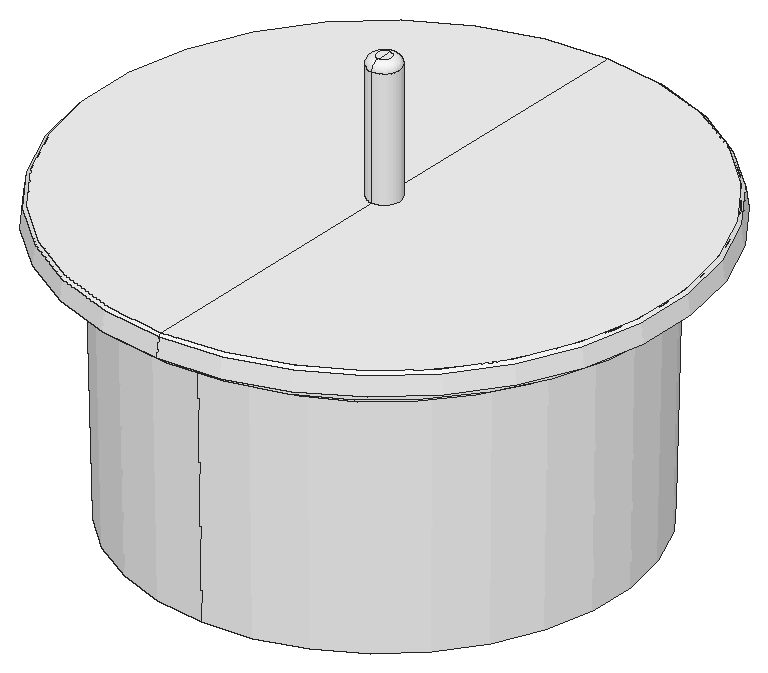
Revit family "CSensor-Lutron-Ceiling-Vive_Series-HJS-2-FM", category Lighting Devices, host Face, Revit 2021
Family settings
  Host = Face
  Maintain Annotation Orientation = Yes
  Round Connector Dimension = Use Diameter
  Part Type = Normal
  OmniClass Number = 23.85.80.11.27
  OmniClass Title = Lighting Controls
  Cut with Voids When Loaded = No
  Shared = No
  Room Calculation Point = No
Parameters (values of type "HJS-2-FM")
  Width = 0' - 6 205/256"  # constant formula
  Warranty URL = "https://www.lutron.com/en-US/Service-Support/Pages/Service/Warranty/Warranty.aspx"
  Voltage Comments = "Input to power supply: 120 – 277 V~ 50/60 Hz 0.6 A • Input to Vive hub: 24 V- 350 mA"  # constant formula
  Voltage = 120 V
  Video Link = "https://www.youtube.com/user/LutronElectronicsInc"
  Version = "2021 - v1.0a"  # constant formula
  Support Phone = "(224) 699-9545"  # constant formula
  Support Email = "mailto: support@bimsmith.com"
  Sensor Type = "Occupancy/Vacancy"  # constant formula
  Sensor Area Visibility [instance] = yes
  Recommended Mounting Notes [instance] = "Surface Mounted - Must be mounted a minimum of 10 ft (3 m) from Wi-Fi router"  # constant formula
  Product Page URL = "https://commercial.lutron.com/us/en/whole-building-systems/vive#3092623536-1983966033"
  Product Name = "Premium Vive hub with BACnet"  # constant formula
  Product Documentation Link = "https://assets.lutron.com/a/documents/369902_eng.pdf"
  Performance URL = "https://www.lutron.com/en-US/Service-Support/Pages/Technical/PerfomanceSpecs.aspx"
  Minimum Operating Temperature = 32 °F  # constant formula
  Maximum Operating Temperature = 104 °F  # constant formula
  Manufacturer Phone Number = "610-282-3800"  # constant formula
  Manufacturer Fax Number = "610-282-1243"  # constant formula
  Manufacturer Email = "mailto:support@lutron.com"
  Manufacturer Address = "7200 Suter Rd, Coopersburg, PA 18036"  # constant formula
  URL = "http://www.lutron.com"
  Type Comments = ""
  Series = "Vive Series"  # constant formula
  Sensor Material = Plastic - Lutron - White Gloss
  Model = "HJS-2-FM"  # constant formula
  Manufacturer = "Lutron Electronics Co., Inc"  # constant formula
  Load Classification = Other
  Coverge Radius = 71' - 0"  # constant formula
  Coverage Range = " 71 ft (22 m)"  # constant formula
  Length = 0' - 6 205/256"  # constant formula
  Keynote = "Division 11"
  Instruction Sheet Link = "https://assets.lutron.com/a/documents/041803.pdf"
  Finish = Plastic - Lutron - White Gloss
  Description = "Vive hub, flush-mount adapter and power supply"  # constant formula
  Depth = 0' - 4 77/256"  # constant formula
  Default Elevation = 0' - 0"
  Coverage Area = "360˚ coverage from 71 ft (22 m)"  # constant formula
  Coverage = 15836.00 SF  # constant formula
  Cost Info = "mailto:sales@lutron.com"
  Cost = 0
  Copyright = "© 2022 Lutron Electronics Co., Inc."  # constant formula
  C CP Right [instance] = 0' - 0"  # constant formula
  C CP Left [instance] = 0' - 0"  # constant formula
  C CP Height [instance] = 0' - 0"  # constant formula
  C CP Front [instance] = 0' - 0"  # constant formula
  C CP Back [instance] = 0' - 0"  # constant formula
  Assembly Code = "D5030800"
  Apparent Load = 0 VA
  Annotation Symbol Visibility [instance] = yes
Reference planes (in)
  plane 1 "Center (Front/Back)": y = 0
  plane 2: z = 0
  plane 3 "Center (Left/Right)": x = 0
  plane 4: y = 3.40039
  plane 5: y = -3.40039
  plane 6: x = 3.40039
  plane 7: x = -3.40039
  plane 8 "top": z = 0.25
  plane 9: x = 0
  plane 10: x = 0
  plane 11: y = 0
  plane 12: y = 0
  plane 13: z = -3.12813
  plane 14: z = 1.75
  plane 15 "Center L/T": z = -2.55
Forms (in)
  Revolve 1, solid, material "Plastic - Lutron - White Gloss" <- "Sensor Material", detail levels medium+fine
    sketch origin (0, 0, -3.12813) x (0, 1, 0) y (0, 0, 1)
      loop
        line (0, 0.57812) -> (0, 4.87812) -> (-0.08833, 4.87812)
        arc (-0.08833, 4.87812) -> (-0.1559, 4.85014) -> (-0.18389, 4.78257) r 0.09556
        line (-0.18389, 4.78257) -> (-0.18389, 3.37812) -> (-3.346, 3.37812) -> (-3.38049, 3.34363) -> (-3.40781, 3.12812) -> (-2.59273, 3.12812) -> (-2.59273, 0.57812) -> (0, 0.57812)
      axis (0, 4.87812) -> (0, 0.57812)
    angle from 0 to 360
  Revolve 2, solid, material "Plastic - Lutron - White Gloss" <- "Sensor Material", detail levels coarse
    sketch origin (0, 0, -3.12813) x (0, 1, 0) y (0, 0, 1)
      loop
        line (-2.59273, 0.57812) -> (0, 0.57812) -> (0, 4.87812) -> (-0.18389, 4.87812) -> (-0.18389, 3.37812) -> (-3.37808, 3.37812) -> (-3.40781, 3.12812) -> (-2.59273, 3.12812) -> (-2.59273, 0.57812)
      axis (0, 4.87812) -> (0, 0.57812)
    angle from 0 to 360
  Revolve 3, solid, material "Plastic - Lutron - White Gloss" <- "Sensor Material"
    sketch origin (0, 0, -3.12813) x (0, 1, 0) y (0, 0, 1)
      loop
        line (-2.73336, 0) -> (0, 0) -> (0, 0.5) -> (-2.59273, 0.5) -> (-2.59273, 3.12813) -> (-3.2542, 3.12813) -> (-3.2542, 3.01094) -> (-2.84273, 3.01094) -> (-2.84273, 2.76094) -> (-2.7926, 2.76094) -> (-2.73336, 0)
      axis (0, 3.12813) -> (0, 0)
    angle from 0 to 360
Lines and regions (in)
  model lines, style "LightingDevices", detail levels medium+fine
    curve 1: circle (0, 0, 0.25) r 2.63931 normal (0, 0, 1)
  symbolic lines, style "Sensor Range"
    curve 2: circle (0, 0, 0) r 852 normal (0, 0, 1)
Dimensions and locks (in)
  "Width": plane 4 to plane 5
  equal spacing: plane 4, plane 1 "Center (Front/Back)", plane 5
  "Length": plane 7 to plane 6
  equal spacing: plane 7, plane 3 "Center (Left/Right)", plane 6
  "C CP Front": plane 1 "Center (Front/Back)" to plane 12
  "C CP Back": plane 11 to plane 1 "Center (Front/Back)"
  "C CP Right": plane 10 to plane 3 "Center (Left/Right)"
  "C CP Left": plane 3 "Center (Left/Right)" to plane 9
  locked: plane 14 to plane 8 "top" at 1.5
  locked: plane 8 "top" to Revolve 2 sketch curve at 0.25
  locked: plane 14 to Revolve 1 sketch curve at 0.09556
  locked: plane 8 "top" to Revolve 1 sketch curve at 0.25
  locked: plane 8 "top" to plane 15 "Center L/T" at 2.8
  locked: plane 8 "top" to plane 2 at 0.25
  "Coverge Radius": radius of curve 2
  aligned and locked: plane 2 to host face
  aligned and locked: level to host face
  aligned and locked: plane 8 "top" to Revolve 2 sketch curve
  aligned and locked: plane 14 to Revolve 2 sketch curve
  aligned and locked: plane 14 to Revolve 1 sketch curve
  aligned and locked: plane 8 "top" to Revolve 1 sketch curve
  aligned and locked: plane 12 to curve 2
  aligned and locked: plane 10 to curve 2
Automatic sketch dimensions
  host sketch curve to host sketch curve = 8' - 0"  (x2)
  Revolve 1 sketch curve to plane 1 "Center (Front/Back)" = 0' - 0"  (x2)
  plane 1 "Center (Front/Back)" to Revolve 1 sketch curve = 0' - 0.08833"
  plane 5 to Revolve 1 sketch curve = 0' - 0.80766"
  plane 5 to Revolve 1 sketch curve = 0' - 0.05439"
  plane 5 to Revolve 1 sketch curve = 0' - 0.0199"
  Revolve 1 sketch curve to plane 5 = 0' - 0.00742"
  Revolve 1 sketch curve to plane 8 "top" = 0' - 0.0345"
  Revolve 1 sketch curve to level = 0' - 3.30194"
  plane 8 "top" to Revolve 1 sketch curve = 0' - 0.69728"
  Revolve 2 sketch curve to plane 1 "Center (Front/Back)" = 0' - 0"  (x2)
  plane 1 "Center (Front/Back)" to Revolve 2 sketch curve = 0' - 0.18389"
  plane 5 to Revolve 2 sketch curve = 0' - 0.80766"
  plane 5 to Revolve 2 sketch curve = 0' - 0.02231"
  Revolve 2 sketch curve to plane 5 = 0' - 0.00742"
  plane 13 to Revolve 2 sketch curve = 0' - 0 37/64"
  Revolve 2 sketch curve to Revolve 2 sketch curve = 0' - 1 43/64"
  Revolve 2 sketch curve to Revolve 2 sketch curve = 0' - 0 3/4"
  plane 13 to Revolve 1 sketch curve = 0' - 0 37/64"
  plane 1 "Center (Front/Back)" to curve 1 = 0' - 0"
  curve 1 to plane 3 "Center (Left/Right)" = 0' - 0"
  Revolve 3 sketch curve to level = 0' - 3.12813"
  Revolve 3 sketch curve to plane 1 "Center (Front/Back)" = 0' - 0"  (x2)
  Revolve 3 sketch curve to plane 15 "Center L/T" = 0' - 0 5/64"
  plane 5 to Revolve 3 sketch curve = 0' - 0.80766"
  Revolve 3 sketch curve to Revolve 3 sketch curve = 0' - 0 9/64"
  Revolve 3 sketch curve to Revolve 3 sketch curve = 0' - 0 1/4"  (x2)
  plane 5 to Revolve 3 sketch curve = 0' - 0.14619"
  Revolve 3 sketch curve to Revolve 3 sketch curve = 0' - 0.05014"
  Revolve 3 sketch curve to Revolve 3 sketch curve = 0' - 1.08629"
  Revolve 3 sketch curve to Revolve 3 sketch curve = 0' - 0"
  Revolve 3 sketch curve to plane 8 "top" = 0' - 0 79/128"
  Revolve 3 sketch curve to plane 8 "top" = 0' - 0 1/4"
  radius of curve 1 = 0' - 2.63931"
Nested families (in)
  nested 1: "Nested - Annotation - HUB-2" at (0, 0, 0), visible <- "Annotation Symbol Visibility", type "Default"
Connectors (in)
  electrical at (0, 0, -3.12813)
    settings: on Revolve 3, index 1, voltage 0 V, apparent load 0 VA, apparent load phase1 0 VA, apparent load phase2 0 VA, apparent load phase3 0 VA, power factor 1, load classification "Other", number of poles 1, system type 13, power factor state 1, is connector primary yes, connector utility no, sub classification motor no, connector description "Control Connector"
  electrical at (0, 0, -3.12813), driven by "Load Classification", driven by "Voltage", driven by "Apparent Load"
    settings: on Revolve 3, index 2, voltage 120 V, apparent load 0 VA, apparent load phase1 0 VA, apparent load phase2 0 VA, apparent load phase3 0 VA, power factor 1, load classification "Other", number of poles 1, system type 30, power factor state 1, is connector primary no, connector utility no, sub classification motor no, connector description "Electrical Connector"
Definition of nested family "Nested - Annotation - HUB-2"
  Reference planes (in)
    plane 1 "Center (Front/Back)": y = 0
    plane 2: z = 0
    plane 3 "Center (Left/Right)": x = 0
  Lines and regions (in)
    Filled region 1, type "Solid Fill - Black", in view "Ref. Level"
      outline origin (-68.49205, 68.55754, 0) x (1, 0, 0) y (0, 1, 0)
        loop
          circle (68.49205, -68.55754) r 6.25
    Filled region 2, type "Solid Fill - White", in view "Ref. Level"
      outline origin (-68.36705, 68.55754, 0) x (1, 0, 0) y (0, 1, 0)
        loop
          arc (63.71449, -69.4525) -> (63.77584, -69.4584) -> (63.83744, -69.46018) r 0.92045
          arc (63.83744, -69.46018) -> (63.89981, -69.45847) -> (63.96192, -69.4525) r 0.91072
          line (63.96192, -69.4525) -> (64.04183, -69.43405) -> (64.0841, -69.40562) -> (64.09562, -69.36336) -> (64.09562, -67.63984) -> (65.86448, -67.63984) -> (65.86448, -69.36336) -> (65.87677, -69.40562) -> (65.91827, -69.43405) -> (65.99664, -69.4525)
          arc (65.99664, -69.4525) -> (66.05952, -69.45855) -> (66.12266, -69.46018) r 0.90192
          arc (66.12266, -69.46018) -> (66.1835, -69.45844) -> (66.24407, -69.4525) r 0.87876
          line (66.24407, -69.4525) -> (66.32398, -69.43405) -> (66.36625, -69.40562) -> (66.37777, -69.36336) -> (66.37777, -65.63431) -> (66.36625, -65.59205) -> (66.32398, -65.56362) -> (66.24407, -65.54518)
          arc (66.24407, -65.54518) -> (66.1835, -65.53923) -> (66.12266, -65.53749) r 0.87876
          arc (66.12266, -65.53749) -> (66.05952, -65.53913) -> (65.99664, -65.54518) r 0.90192
          line (65.99664, -65.54518) -> (65.91827, -65.56362) -> (65.87677, -65.59205) -> (65.86448, -65.63431) -> (65.86448, -67.18956) -> (64.09562, -67.18956) -> (64.09562, -65.63431) -> (64.0841, -65.59205) -> (64.04183, -65.56362) -> (63.96192, -65.54518)
          arc (63.96192, -65.54518) -> (63.89981, -65.5392) -> (63.83744, -65.53749) r 0.91072
          arc (63.83744, -65.53749) -> (63.77584, -65.53928) -> (63.71449, -65.54518) r 0.92045
          line (63.71449, -65.54518) -> (63.63304, -65.56362) -> (63.59155, -65.59205) -> (63.57926, -65.63431) -> (63.57926, -69.36336) -> (63.59155, -69.40562) -> (63.63304, -69.43405) -> (63.71449, -69.4525)
        loop
          arc (71.81348, -69.44174) -> (72.00859, -69.43474) -> (72.20229, -69.41023) r 2.16904
          arc (72.20229, -69.41023) -> (72.36397, -69.37181) -> (72.52041, -69.31572) r 1.49875
          arc (72.52041, -69.31572) -> (72.65927, -69.24658) -> (72.78781, -69.15974) r 1.17392
          arc (72.78781, -69.15974) -> (72.89758, -69.0592) -> (72.99067, -68.94305) r 0.96917
          arc (72.99067, -68.94305) -> (73.06688, -68.80948) -> (73.1213, -68.66565) r 0.9816
          arc (73.1213, -68.66565) -> (73.15703, -68.49831) -> (73.16817, -68.32756) r 1.17886
          spline (73.16817, -68.32756) -> (73.16775, -68.29476) -> (73.1665, -68.26243) -> (73.16441, -68.23057) -> (73.16148, -68.19918) -> (73.15771, -68.16824) -> (73.15309, -68.13776) -> (73.14762, -68.10773) -> (73.1413, -68.07814) -> (73.13413, -68.04899) -> (73.1261, -68.02027) -> (73.11721, -67.99198) -> (73.10746, -67.9641)
          arc (73.10746, -67.9641) -> (73.03837, -67.81279) -> (72.94379, -67.67595) r 0.94426
          arc (72.94379, -67.67595) -> (72.83225, -67.56371) -> (72.70252, -67.4731) r 0.88613
          arc (72.70252, -67.4731) -> (72.55845, -67.40594) -> (72.40515, -67.36398) r 0.94135
          arc (72.40515, -67.36398) -> (72.52221, -67.30334) -> (72.62875, -67.22567) r 0.86812
          arc (72.62875, -67.22567) -> (72.71737, -67.13681) -> (72.79088, -67.03511) r 0.79432
          arc (72.79088, -67.03511) -> (72.84818, -66.92226) -> (72.88847, -66.80228) r 0.86827
          arc (72.88847, -66.80228) -> (72.91357, -66.67119) -> (72.92151, -66.53795) r 1.02969
          spline (72.92151, -66.53795) -> (72.921, -66.49968) -> (72.91945, -66.46208) -> (72.91688, -66.42515) -> (72.91326, -66.38891) -> (72.90859, -66.35335) -> (72.90288, -66.31848) -> (72.8961, -66.28429) -> (72.88827, -66.2508) -> (72.87937, -66.218) -> (72.86939, -66.18589) -> (72.85834, -66.15449) -> (72.84621, -66.12378)
          arc (72.84621, -66.12378) -> (72.75337, -65.95526) -> (72.6226, -65.81412) r 0.79149
          spline (72.6226, -65.81412) -> (72.59731, -65.79358) -> (72.571, -65.77385) -> (72.54366, -65.75493) -> (72.51531, -65.73682) -> (72.48595, -65.71954) -> (72.45557, -65.70308) -> (72.42419, -65.68746) -> (72.3918, -65.67268) -> (72.35841, -65.65873) -> (72.32401, -65.64564) -> (72.28862, -65.6334) -> (72.25223, -65.62202)
          spline (72.25223, -65.62202) -> (72.21428, -65.61152) -> (72.17457, -65.60192) -> (72.1331, -65.59322) -> (72.08987, -65.58542) -> (72.0449, -65.57853) -> (71.99818, -65.57255) -> (71.94972, -65.56749) -> (71.89951, -65.56334) -> (71.84756, -65.5601) -> (71.79388, -65.55779) -> (71.73846, -65.5564) -> (71.68131, -65.55594)
          line (71.68131, -65.55594) -> (70.79842, -65.55594)
          spline (70.79842, -65.55594) -> (70.78694, -65.55626) -> (70.77556, -65.55722) -> (70.76429, -65.55882) -> (70.75311, -65.56106) -> (70.74205, -65.56394) -> (70.73109, -65.56746) -> (70.72024, -65.57162) -> (70.70951, -65.57643) -> (70.6989, -65.58187) -> (70.68841, -65.58795) -> (70.67804, -65.59468) -> (70.66779, -65.60204)
          spline (70.66779, -65.60204) -> (70.65803, -65.6104) -> (70.6491, -65.61971) -> (70.64101, -65.62999) -> (70.63375, -65.64123) -> (70.62735, -65.65343) -> (70.62178, -65.66659) -> (70.61707, -65.68071) -> (70.61321, -65.69579) -> (70.6102, -65.71183) -> (70.60805, -65.72883) -> (70.60675, -65.74679) -> (70.60632, -65.76571)
          line (70.60632, -65.76571) -> (70.60632, -69.23197)
          spline (70.60632, -69.23197) -> (70.60675, -69.25089) -> (70.60805, -69.26885) -> (70.6102, -69.28585) -> (70.61321, -69.30189) -> (70.61707, -69.31697) -> (70.62178, -69.33109) -> (70.62735, -69.34425) -> (70.63375, -69.35645) -> (70.64101, -69.36768) -> (70.6491, -69.37796) -> (70.65803, -69.38728) -> (70.66779, -69.39563)
          spline (70.66779, -69.39563) -> (70.67804, -69.403) -> (70.68841, -69.40972) -> (70.6989, -69.41581) -> (70.70951, -69.42125) -> (70.72024, -69.42605) -> (70.73109, -69.43021) -> (70.74205, -69.43373) -> (70.75311, -69.43662) -> (70.76429, -69.43886) -> (70.77556, -69.44046) -> (70.78694, -69.44142) -> (70.79842, -69.44174)
          line (70.79842, -69.44174) -> (71.81348, -69.44174)
        loop
          line (71.11961, -69.01528) -> (71.8688, -69.01528)
          spline (71.8688, -69.01528) -> (71.89807, -69.01499) -> (71.92669, -69.01412) -> (71.95467, -69.01267) -> (71.98201, -69.01064) -> (72.00872, -69.00802) -> (72.03478, -69.00481) -> (72.0602, -69.001) -> (72.08498, -68.99661) -> (72.10912, -68.99161) -> (72.13262, -68.98602) -> (72.15548, -68.97982) -> (72.1777, -68.97301)
          arc (72.1777, -68.97301) -> (72.29985, -68.92219) -> (72.40976, -68.84853) r 0.67539
          arc (72.40976, -68.84853) -> (72.50046, -68.75512) -> (72.56728, -68.64337) r 0.56297
          spline (72.56728, -68.64337) -> (72.57647, -68.62254) -> (72.58483, -68.60117) -> (72.59237, -68.57926) -> (72.5991, -68.5568) -> (72.60501, -68.53379) -> (72.61012, -68.51024) -> (72.61442, -68.48615) -> (72.61794, -68.46152) -> (72.62066, -68.43633) -> (72.6226, -68.41061) -> (72.62375, -68.38434) -> (72.62414, -68.35753)
          spline (72.62414, -68.35753) -> (72.62376, -68.32881) -> (72.6226, -68.30067) -> (72.62068, -68.27311) -> (72.61799, -68.24614) -> (72.61453, -68.21975) -> (72.61031, -68.19395) -> (72.60531, -68.16875) -> (72.59955, -68.14414) -> (72.59302, -68.12013) -> (72.58572, -68.09671) -> (72.57765, -68.0739) -> (72.56882, -68.0517)
          arc (72.56882, -68.0517) -> (72.50138, -67.93069) -> (72.40745, -67.82887) r 0.58674
          spline (72.40745, -67.82887) -> (72.38922, -67.81419) -> (72.37025, -67.80011) -> (72.35054, -67.78665) -> (72.3301, -67.7738) -> (72.30892, -67.76155) -> (72.287, -67.74991) -> (72.26435, -67.73888) -> (72.24096, -67.72846) -> (72.21684, -67.71865) -> (72.19198, -67.70944) -> (72.16638, -67.70085) -> (72.14005, -67.69286)
          spline (72.14005, -67.69286) -> (72.11241, -67.68532) -> (72.08148, -67.67845) -> (72.04511, -67.67224) -> (72.00117, -67.6667) -> (71.9475, -67.66183) -> (71.88196, -67.65761) -> (71.80242, -67.65405) -> (71.70673, -67.65114) -> (71.59274, -67.64888) -> (71.45832, -67.64727) -> (71.30133, -67.64631) -> (71.11961, -67.64599)
          line (71.11961, -67.64599) -> (71.11961, -69.01528)
        loop
          line (71.11961, -67.23489) -> (71.70667, -67.23489)
          spline (71.70667, -67.23489) -> (71.73973, -67.23452) -> (71.77167, -67.23342) -> (71.8025, -67.23158) -> (71.83223, -67.229) -> (71.86086, -67.22569) -> (71.8884, -67.22164) -> (71.91484, -67.21685) -> (71.94021, -67.21133) -> (71.96449, -67.20507) -> (71.9877, -67.19807) -> (72.00985, -67.19034) -> (72.03093, -67.18187)
          spline (72.03093, -67.18187) -> (72.05102, -67.17296) -> (72.07056, -67.1635) -> (72.08955, -67.15351) -> (72.10797, -67.143) -> (72.12583, -67.13196) -> (72.14312, -67.1204) -> (72.15983, -67.10833) -> (72.17596, -67.09575) -> (72.19151, -67.08268) -> (72.20646, -67.0691) -> (72.22081, -67.05504) -> (72.23456, -67.04049)
          arc (72.23456, -67.04049) -> (72.30511, -66.94365) -> (72.35289, -66.83379) r 0.54703
          arc (72.35289, -66.83379) -> (72.38065, -66.71263) -> (72.38978, -66.58867) r 0.82018
          spline (72.38978, -66.58867) -> (72.38952, -66.56541) -> (72.38875, -66.5425) -> (72.38745, -66.51995) -> (72.38562, -66.49777) -> (72.38326, -66.47594) -> (72.38036, -66.45448) -> (72.37692, -66.43339) -> (72.37293, -66.41267) -> (72.36838, -66.39233) -> (72.36328, -66.37236) -> (72.3576, -66.35277) -> (72.35136, -66.33356)
          arc (72.35136, -66.33356) -> (72.30181, -66.22917) -> (72.22841, -66.13992) r 0.47273
          spline (72.22841, -66.13992) -> (72.21404, -66.12692) -> (72.19896, -66.11444) -> (72.18317, -66.10247) -> (72.16669, -66.09103) -> (72.14949, -66.08011) -> (72.1316, -66.06971) -> (72.11299, -66.05984) -> (72.09369, -66.0505) -> (72.07368, -66.0417) -> (72.05296, -66.03343) -> (72.03154, -66.0257) -> (72.00942, -66.01851)
          spline (72.00942, -66.01851) -> (71.98604, -66.01171) -> (71.95962, -66.00551) -> (71.92831, -65.99992) -> (71.89023, -65.99492) -> (71.84355, -65.99052) -> (71.78639, -65.98672) -> (71.71691, -65.98351) -> (71.63324, -65.98089) -> (71.53354, -65.97886) -> (71.41594, -65.97741) -> (71.27858, -65.97654) -> (71.11961, -65.97625)
          line (71.11961, -65.97625) -> (71.11961, -67.23489)
        loop
          line (69.89899, -65.56362) -> (69.82138, -65.54518)
          arc (69.82138, -65.54518) -> (69.76042, -65.53924) -> (69.6992, -65.53749) r 0.89091
          arc (69.6992, -65.53749) -> (69.63683, -65.5392) -> (69.57472, -65.54518) r 0.91072
          line (69.57472, -65.54518) -> (69.49558, -65.56362) -> (69.45331, -65.59205) -> (69.44102, -65.63431) -> (69.44102, -68.00944)
          spline (69.44102, -68.00944) -> (69.44057, -68.05258) -> (69.43923, -68.0948) -> (69.43699, -68.13608) -> (69.43385, -68.17644) -> (69.42981, -68.21587) -> (69.42488, -68.25437) -> (69.41906, -68.29194) -> (69.41233, -68.32858) -> (69.40471, -68.3643) -> (69.3962, -68.39908) -> (69.38678, -68.43294) -> (69.37647, -68.46587)
          spline (69.37647, -68.46587) -> (69.36533, -68.4979) -> (69.35342, -68.52907) -> (69.34072, -68.55937) -> (69.32724, -68.58881) -> (69.31297, -68.61739) -> (69.29791, -68.6451) -> (69.28204, -68.67195) -> (69.26537, -68.69793) -> (69.24789, -68.72304) -> (69.22959, -68.7473) -> (69.21047, -68.77068) -> (69.19052, -68.79321)
          arc (69.19052, -68.79321) -> (69.05372, -68.91016) -> (68.89315, -68.99146) r 0.75608
          spline (68.89315, -68.99146) -> (68.8636, -69.00196) -> (68.83334, -69.01156) -> (68.80238, -69.02026) -> (68.77072, -69.02805) -> (68.73835, -69.03494) -> (68.70528, -69.04092) -> (68.6715, -69.04599) -> (68.63702, -69.05014) -> (68.60183, -69.05337) -> (68.56594, -69.05568) -> (68.52934, -69.05707) -> (68.49205, -69.05754)
          spline (68.49205, -69.05754) -> (68.45585, -69.05707) -> (68.42026, -69.05568) -> (68.38527, -69.05335) -> (68.35089, -69.05008) -> (68.3171, -69.04588) -> (68.2839, -69.04073) -> (68.2513, -69.03464) -> (68.21929, -69.0276) -> (68.18787, -69.01961) -> (68.15703, -69.01067) -> (68.12677, -69.00077) -> (68.09709, -68.98992)
          arc (68.09709, -68.98992) -> (67.9357, -68.90645) -> (67.79741, -68.7886) r 0.79721
          spline (67.79741, -68.7886) -> (67.7769, -68.76585) -> (67.75725, -68.74217) -> (67.73845, -68.71756) -> (67.72049, -68.69201) -> (67.70336, -68.66552) -> (67.68705, -68.63809) -> (67.67156, -68.60971) -> (67.65688, -68.58039) -> (67.643, -68.55012) -> (67.62991, -68.51889) -> (67.61761, -68.48671) -> (67.60608, -68.45358)
          spline (67.60608, -68.45358) -> (67.59558, -68.41965) -> (67.58598, -68.38475) -> (67.57728, -68.34886) -> (67.56948, -68.31199) -> (67.56259, -68.27415) -> (67.55661, -68.23535) -> (67.55155, -68.19559) -> (67.5474, -68.15487) -> (67.54416, -68.1132) -> (67.54185, -68.07058) -> (67.54046, -68.02703) -> (67.54, -67.98255)
          line (67.54, -67.98255) -> (67.54, -65.63431) -> (67.52847, -65.59205) -> (67.48775, -65.56362) -> (67.40783, -65.54518)
          arc (67.40783, -65.54518) -> (67.34649, -65.53926) -> (67.28489, -65.53749) r 0.91174
          arc (67.28489, -65.53749) -> (67.22175, -65.53915) -> (67.15887, -65.54518) r 0.91017
          line (67.15887, -65.54518) -> (67.08049, -65.56362) -> (67.039, -65.59205) -> (67.02671, -65.63431) -> (67.02671, -68.04555)
          spline (67.02671, -68.04555) -> (67.02741, -68.10451) -> (67.02953, -68.16229) -> (67.03306, -68.2189) -> (67.038, -68.27434) -> (67.04437, -68.32861) -> (67.05216, -68.38173) -> (67.06137, -68.43369) -> (67.07201, -68.48451) -> (67.08408, -68.53419) -> (67.09759, -68.58272) -> (67.11253, -68.63013) -> (67.1289, -68.67641)
          spline (67.1289, -68.67641) -> (67.14659, -68.7213) -> (67.16547, -68.76491) -> (67.18554, -68.80724) -> (67.2068, -68.84831) -> (67.22925, -68.8881) -> (67.2529, -68.92662) -> (67.27776, -68.96388) -> (67.30381, -68.99988) -> (67.33108, -69.03462) -> (67.35955, -69.0681) -> (67.38923, -69.10033) -> (67.42013, -69.1313)
          arc (67.42013, -69.1313) -> (67.63208, -69.2928) -> (67.87348, -69.40562) r 1.24826
          spline (67.87348, -69.40562) -> (67.91805, -69.42053) -> (67.96339, -69.43412) -> (68.00949, -69.44641) -> (68.05636, -69.45739) -> (68.104, -69.46707) -> (68.15241, -69.47545) -> (68.20159, -69.48254) -> (68.25154, -69.48833) -> (68.30225, -69.49283) -> (68.35373, -69.49604) -> (68.40598, -69.49796) -> (68.459, -69.4986)
          spline (68.459, -69.4986) -> (68.51707, -69.49791) -> (68.57408, -69.49585) -> (68.63003, -69.4924) -> (68.68494, -69.48759) -> (68.73881, -69.48139) -> (68.79163, -69.47382) -> (68.84341, -69.46487) -> (68.89415, -69.45455) -> (68.94385, -69.44284) -> (68.99253, -69.42976) -> (69.04017, -69.41531) -> (69.08679, -69.39948)
          spline (69.08679, -69.39948) -> (69.1323, -69.38232) -> (69.17663, -69.36387) -> (69.21978, -69.34414) -> (69.26176, -69.32312) -> (69.30256, -69.30081) -> (69.34218, -69.2772) -> (69.38065, -69.2523) -> (69.41794, -69.2261) -> (69.45407, -69.1986) -> (69.48904, -69.16979) -> (69.52285, -69.13968) -> (69.55551, -69.10825)
          spline (69.55551, -69.10825) -> (69.58697, -69.07576) -> (69.61718, -69.04205) -> (69.64615, -69.00712) -> (69.67387, -68.97099) -> (69.70036, -68.93366) -> (69.72562, -68.89512) -> (69.74964, -68.85538) -> (69.77243, -68.81444) -> (69.79399, -68.77231) -> (69.81433, -68.72898) -> (69.83345, -68.68446) -> (69.85135, -68.63876)
          spline (69.85135, -68.63876) -> (69.86791, -68.59192) -> (69.88304, -68.544) -> (69.89673, -68.495) -> (69.90898, -68.44492) -> (69.91978, -68.39378) -> (69.92915, -68.34158) -> (69.93707, -68.28832) -> (69.94355, -68.23401) -> (69.9486, -68.17866) -> (69.9522, -68.12226) -> (69.95436, -68.06483) -> (69.95508, -68.00637)
          line (69.95508, -68.00637) -> (69.95508, -65.63431) -> (69.94125, -65.59205) -> (69.89899, -65.56362)
        loop
          line (67.73628, -70.97934) -> (67.82514, -70.93914)
          arc (67.82514, -70.93914) -> (67.88633, -70.90107) -> (67.94935, -70.86613) r 1.43476
          arc (67.94935, -70.86613) -> (68.03449, -70.82619) -> (68.12252, -70.79312) r 1.18711
          line (68.12252, -70.79312) -> (68.34568, -70.7596) -> (68.533, -70.79312) -> (68.66831, -70.8839)
          arc (68.66831, -70.8839) -> (68.71607, -70.94641) -> (68.7506, -71.01709) r 0.39802
          arc (68.7506, -71.01709) -> (68.7721, -71.0962) -> (68.77888, -71.1779) r 0.44979
          arc (68.77888, -71.1779) -> (68.774, -71.2691) -> (68.7607, -71.35946) r 0.98527
          line (68.7607, -71.35946) -> (68.68446, -71.57454) -> (68.51987, -71.83698) -> (68.23612, -72.16253) -> (67.72568, -72.68741) -> (67.6863, -72.73573)
          arc (67.6863, -72.73573) -> (67.67257, -72.75794) -> (67.66055, -72.78112) r 0.34812
          arc (67.66055, -72.78112) -> (67.65197, -72.80677) -> (67.64742, -72.83342) r 0.1761
          arc (67.64742, -72.83342) -> (67.64504, -72.86792) -> (67.6444, -72.90249) r 0.68817
          line (67.6444, -72.90249) -> (67.65146, -72.9755) -> (67.67317, -73.02089)
          arc (67.67317, -73.02089) -> (67.6894, -73.03448) -> (67.70852, -73.04356) r 0.0835
          line (67.70852, -73.04356) -> (67.75699, -73.05048) -> (69.16764, -73.05048)
          arc (69.16764, -73.05048) -> (69.18466, -73.04829) -> (69.20046, -73.04159) r 0.06302
          line (69.20046, -73.04159) -> (69.22419, -73.01397) -> (69.23782, -72.96762) -> (69.24287, -72.90446) -> (69.23782, -72.84231) -> (69.22217, -72.79793) -> (69.19642, -72.77127)
          arc (69.19642, -72.77127) -> (69.18189, -72.76474) -> (69.16613, -72.76239) r 0.05822
          line (69.16613, -72.76239) -> (68.05487, -72.76239) -> (68.45928, -72.34015)
          arc (68.45928, -72.34015) -> (68.64076, -72.14645) -> (68.81069, -71.94255) r 4.57336
          line (68.81069, -71.94255) -> (69.01314, -71.62876)
          spline (69.01314, -71.62876) -> (69.02443, -71.6054) -> (69.03506, -71.5823) -> (69.04503, -71.55948) -> (69.05434, -71.53693) -> (69.06298, -71.51465) -> (69.07095, -71.49265) -> (69.07825, -71.47091) -> (69.08488, -71.44946) -> (69.09082, -71.42827) -> (69.09608, -71.40737) -> (69.10065, -71.38673) -> (69.10453, -71.36637)
          arc (69.10453, -71.36637) -> (69.12085, -71.24501) -> (69.12624, -71.12266) r 1.36601
          arc (69.12624, -71.12266) -> (69.11521, -70.99233) -> (69.0808, -70.86613) r 0.72039
          arc (69.0808, -70.86613) -> (69.02406, -70.75311) -> (68.94398, -70.65524) r 0.57453
          spline (68.94398, -70.65524) -> (68.92837, -70.64036) -> (68.91209, -70.626) -> (68.89514, -70.61217) -> (68.87754, -70.59888) -> (68.85927, -70.58612) -> (68.84035, -70.57389) -> (68.82077, -70.5622) -> (68.80055, -70.55105) -> (68.77968, -70.54043) -> (68.75817, -70.53036) -> (68.73602, -70.52083) -> (68.71324, -70.51185)
          spline (68.71324, -70.51185) -> (68.6897, -70.50351) -> (68.66553, -70.4959) -> (68.64072, -70.48903) -> (68.61528, -70.48289) -> (68.58919, -70.47747) -> (68.56247, -70.47279) -> (68.53511, -70.46883) -> (68.5071, -70.46559) -> (68.47845, -70.46307) -> (68.44915, -70.46128) -> (68.4192, -70.46021) -> (68.3886, -70.45985)
          arc (68.3886, -70.45985) -> (68.27685, -70.46542) -> (68.16645, -70.48358) r 0.98907
          arc (68.16645, -70.48358) -> (68.06862, -70.5088) -> (67.97308, -70.54164) r 1.28332
          line (67.97308, -70.54164) -> (67.82716, -70.61182) -> (67.74537, -70.66786) -> (67.71356, -70.70219) -> (67.70094, -70.73198) -> (67.69387, -70.76944) -> (67.69185, -70.82074)
          arc (67.69185, -70.82074) -> (67.69275, -70.85632) -> (67.69589, -70.89178) r 0.56489
          line (67.69589, -70.89178) -> (67.707, -70.93914) -> (67.73628, -70.97934)
